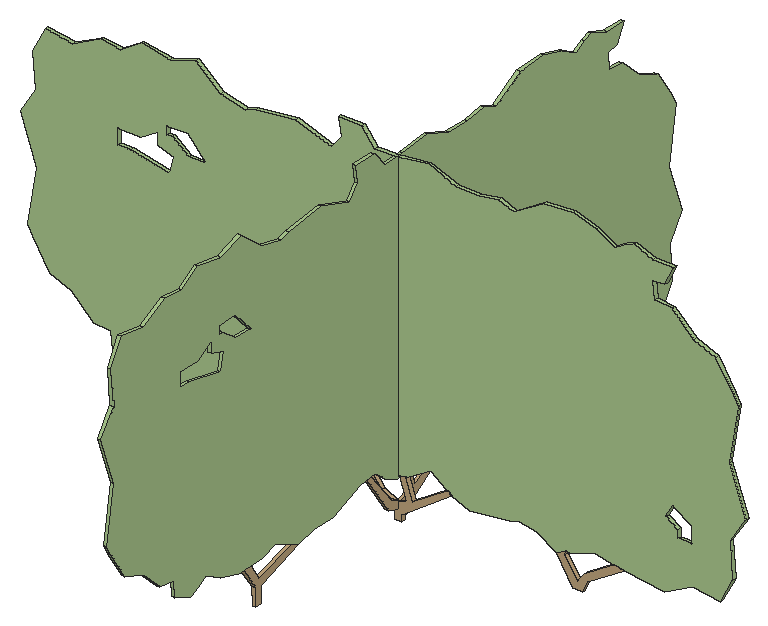
Revit family "L-PL낙엽관목_조팝나무", category 수목, Revit 2019
Family settings
  OmniClass 번호 = 23.40.05.00
  OmniClass 제목 = Plants and Planting Products
  작업 기준면 기반 = 아니오
  항상 수직 = 예
  로드될 때 보이드를 사용하여 절단 = 아니오
  렌더 모양 소스 = 패밀리 형상
  공유 = 아니오
Parameters
  높이 = 6000 mm
Reference planes
  plane 1 "중심(앞/뒤)": y = 0
  plane 2: z = 0
  plane 3 "중심(왼쪽/오른쪽)": x = 0
Forms (mm)
  Extrusion 1, solid, material "L-PL낙엽관목_조팝나무"
    sketch origin (0, 0, 0) x (1, 0, 0) y (0, 0, 1)
      loop
        line (379.092, 444.92) -> (396.295, 446.915) -> (409.26, 472.584) -> (379.118, 472.584) -> (350.959, 483.224) -> (337.567, 478.076) -> (322.458, 468.808) -> (295.329, 483.568) -> (262.364, 493.179) -> (219.439, 490.089) -> (175.485, 463.924) -> (153.507, 472.505) -> (123.289, 467.013) -> (89.98, 467.013) -> (49.895, 482.524) -> (5.068, 477.138) -> (-28.556, 475.766) -> (-47.661, 498.791) -> (-81.832, 498.791) -> (-77.688, 474.122) -> (-92.343, 455.812) -> (-143.831, 473.299) -> (-203.416, 465.027) -> (-217.76, 460.616) -> (-254.449, 468.612) -> (-291.137, 498.778) -> (-329.205, 486.646) -> (-370.583, 493.815) -> (-400.375, 474.954) -> (-430.168, 478.263) -> (-470.994, 457.858) -> (-511.269, 463.373) -> (-530.027, 428.079) -> (-526.165, 377.344) -> (-548.233, 343.152) -> (-524.51, 275.873) -> (-537.751, 197.564) -> (-530.578, 184.329) -> (-504.658, 144.862) -> (-472.098, 132.367) -> (-440.162, 102.504) -> (-415.438, 100.445) -> (-412.691, 76.761) -> (-384.533, 66.12) -> (-371.14, 71.269) -> (-356.031, 80.536) -> (-328.903, 65.777) -> (-295.937, 56.166) -> (-287.867, 56.747) -> (-253.012, 59.255) -> (-231.035, 66.12) -> (-187.081, 48.958) -> (-156.862, 54.45) -> (-123.553, 54.45) -> (-75.027, 75.044) -> (-54.357, 77.564) -> (-46.869, 78.477) -> (-28.325, 64.404) -> (-5.661, 53.763) -> (17.138, 61.263) -> (21.467, 62.687) -> (53.059, 81.566) -> (84.308, 59.598) -> (110.258, 48.164) -> (169.843, 56.436) -> (184.187, 60.847) -> (208.599, 55.527) -> (237.458, 38.447) -> (251.087, 46.266) -> (257.564, 44.855) -> (295.632, 56.987) -> (322.038, 52.412) -> (337.01, 49.818) -> (396.594, 43.2) -> (437.421, 63.605) -> (477.695, 58.09) -> (496.453, 93.384) -> (492.591, 144.119) -> (514.66, 178.311) -> (490.936, 245.59) -> (504.177, 323.899) -> (497.005, 337.134) -> (471.084, 376.601) -> (438.525, 389.096) -> (406.589, 418.959) -> (381.865, 421.018) -> (379.092, 444.92)
      loop
        line (-346.247, 386.229) -> (-371.445, 370.038) -> (-404.742, 370.038) -> (-404.742, 348.449) -> (-385.844, 348.449) -> (-329.148, 336.754) -> (-323.296, 361.045) -> (-346.247, 369.138) -> (-346.247, 386.229)
      loop
        line (435.774, 142.926) -> (408.476, 159.979) -> (397.62, 142.602) -> (415.302, 131.556) -> (415.302, 120.188) -> (435.774, 120.188) -> (435.774, 142.926)
      loop
        line (-303.423, 400.057) -> (-333.115, 398.997) -> (-333.115, 386.631) -> (-325.339, 386.631) -> (-301.655, 368.611) -> (-274.438, 368.611) -> (-303.423, 400.057)
    from 0 to 5
  Extrusion 2, solid, material "L-PL낙엽관목_조팝나무2"
    sketch origin (0, 0, 0) x (1, 0, 0) y (0, 0, 1)
      loop
        line (-256.883, 23.755) -> (-187.081, 48.958) -> (-197.846, 53.161) -> (-259.758, 34.676) -> (-274.475, 57.71) -> (-287.867, 56.747) -> (-265.508, 25.48) -> (-264.933, 0) -> (-256.883, 0) -> (-256.883, 23.755)
      loop
        line (-60.948, 76.76) -> (-21.76, 19.529) -> (0, 12.66) -> (0, 0) -> (11.452, 0) -> (11.452, 8.654) -> (84.308, 59.598) -> (78.12, 63.948) -> (26.913, 31.549) -> (17.138, 61.263) -> (7.903, 58.225) -> (17.919, 27.778) -> (0.844, 22.161) -> (-17.752, 32.121) -> (-54.357, 77.564) -> (-60.948, 76.76)
      loop
        line (237.458, 38.447) -> (261.146, 0) -> (275.744, 0) -> (283.044, 16.417) -> (337.01, 49.818) -> (322.038, 52.412) -> (279.455, 25.675) -> (269.091, 13.172) -> (249.791, 40.323) -> (251.087, 46.266) -> (237.458, 38.447)
    from 0 to 5
  Extrusion 3, solid, material "L-PL낙엽관목_조팝나무"
    sketch origin (0, 0, 0) x (0, 1, 0) y (0, 0, 1)
      loop
        line (379.092, 444.92) -> (396.295, 446.915) -> (409.26, 472.584) -> (379.118, 472.584) -> (350.959, 483.224) -> (337.567, 478.076) -> (322.458, 468.808) -> (295.329, 483.568) -> (262.364, 493.179) -> (219.439, 490.089) -> (175.485, 463.924) -> (153.507, 472.505) -> (123.289, 467.013) -> (89.98, 467.013) -> (49.895, 482.524) -> (5.068, 477.138) -> (-28.556, 475.766) -> (-47.661, 498.791) -> (-81.832, 498.791) -> (-77.688, 474.122) -> (-92.343, 455.812) -> (-143.831, 473.299) -> (-203.416, 465.027) -> (-217.76, 460.616) -> (-254.449, 468.612) -> (-291.137, 498.778) -> (-329.205, 486.646) -> (-370.583, 493.815) -> (-400.375, 474.954) -> (-430.168, 478.263) -> (-470.994, 457.858) -> (-511.269, 463.373) -> (-530.027, 428.079) -> (-526.165, 377.344) -> (-548.233, 343.152) -> (-524.51, 275.873) -> (-537.751, 197.564) -> (-530.578, 184.329) -> (-504.658, 144.862) -> (-472.098, 132.367) -> (-440.162, 102.504) -> (-415.438, 100.445) -> (-412.691, 76.761) -> (-384.533, 66.12) -> (-371.14, 71.269) -> (-356.031, 80.536) -> (-328.903, 65.777) -> (-295.937, 56.166) -> (-287.867, 56.747) -> (-253.012, 59.255) -> (-231.035, 66.12) -> (-187.081, 48.958) -> (-156.862, 54.45) -> (-123.553, 54.45) -> (-75.027, 75.044) -> (-54.357, 77.564) -> (-46.869, 78.477) -> (-28.325, 64.404) -> (-5.661, 53.763) -> (17.138, 61.263) -> (21.467, 62.687) -> (53.059, 81.566) -> (84.308, 59.598) -> (110.258, 48.164) -> (169.843, 56.436) -> (184.187, 60.847) -> (208.599, 55.527) -> (237.458, 38.447) -> (251.087, 46.266) -> (257.564, 44.855) -> (295.632, 56.987) -> (322.038, 52.412) -> (337.01, 49.818) -> (396.594, 43.2) -> (437.421, 63.605) -> (477.695, 58.09) -> (496.453, 93.384) -> (492.591, 144.119) -> (514.66, 178.311) -> (490.936, 245.59) -> (504.177, 323.899) -> (497.005, 337.134) -> (471.084, 376.601) -> (438.525, 389.096) -> (406.589, 418.959) -> (381.865, 421.018) -> (379.092, 444.92)
      loop
        line (-346.247, 386.229) -> (-371.445, 370.038) -> (-404.742, 370.038) -> (-404.742, 348.449) -> (-385.844, 348.449) -> (-329.148, 336.754) -> (-323.296, 361.045) -> (-346.247, 369.138) -> (-346.247, 386.229)
      loop
        line (435.774, 142.926) -> (408.476, 159.979) -> (397.62, 142.602) -> (415.302, 131.556) -> (415.302, 120.188) -> (435.774, 120.188) -> (435.774, 142.926)
      loop
        line (-303.423, 400.057) -> (-333.115, 398.997) -> (-333.115, 386.631) -> (-325.339, 386.631) -> (-301.655, 368.611) -> (-274.438, 368.611) -> (-303.423, 400.057)
    from 0 to 5
  Extrusion 4, solid, material "L-PL낙엽관목_조팝나무2"
    sketch origin (0, 0, 0) x (0, 1, 0) y (0, 0, 1)
      loop
        line (-256.883, 23.755) -> (-187.081, 48.958) -> (-197.846, 53.161) -> (-259.758, 34.676) -> (-274.475, 57.71) -> (-287.867, 56.747) -> (-265.508, 25.48) -> (-264.933, 0) -> (-256.883, 0) -> (-256.883, 23.755)
      loop
        line (-60.948, 76.76) -> (-21.76, 19.529) -> (0, 12.66) -> (0, 0) -> (11.452, 0) -> (11.452, 8.654) -> (84.308, 59.598) -> (78.12, 63.948) -> (26.913, 31.549) -> (17.138, 61.263) -> (7.903, 58.225) -> (17.919, 27.778) -> (0.844, 22.161) -> (-17.752, 32.121) -> (-54.357, 77.564) -> (-60.948, 76.76)
      loop
        line (237.458, 38.447) -> (261.146, 0) -> (275.744, 0) -> (283.044, 16.417) -> (337.01, 49.818) -> (322.038, 52.412) -> (279.455, 25.675) -> (269.091, 13.172) -> (249.791, 40.323) -> (251.087, 46.266) -> (237.458, 38.447)
    from 0 to 5
Dimensions and locks
  aligned and locked: level to plane 2
